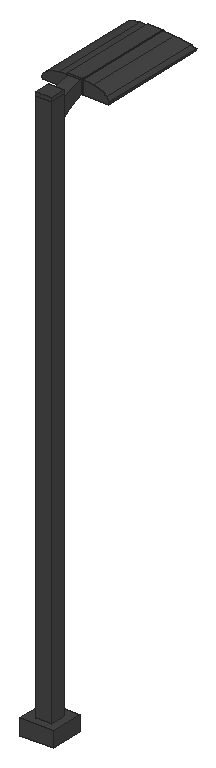
Revit family "ALT3", category Lighting Fixtures, Revit 2021
Family settings
  Round Connector Dimension = Use Diameter
  Part Type = Normal
  OmniClass Number = 23.80.70.14.21
  OmniClass Title = Street and Roadway Lighting
  Work Plane-Based = No
  Always vertical = Yes
  Cut with Voids When Loaded = No
  Light Source = Yes
  Shared = No
  Room Calculation Point = No
Parameters (values of type "ALT3")
  Width = 14.00"
  Wattage Comments = "20W"
  Wattage = 20 W
  built-in parameter 1150110 = 1 (stored number, unit not read)
  Voltage = 0 V
  URL = "https://www.currentlighting.com/kimlighting"
  Type Comments = "Lighting Fixture"  # constant formula
  built-in parameter 1114217 = 1 (stored number, unit not read)
  Tilt Angle = 90.00°  # constant formula
  built-in parameter 1150109 = 1 (stored number, unit not read)
  built-in parameter 1150134 = (empty or 0)
  built-in parameter 1150113 = 1 (stored number, unit not read)
  Series = "Altitude"  # constant formula
  Product Page URL = ""
  Product Documentation Link = ""
  Power Factor = 1
  Pole Width = 4.00"
  Pole Height [instance] = 149.94162"
  Pole = yes
  Photometric Web Link = ""
  Photometric Web File = "ALT3-168L-305-3K7-2-BC.ies"
  Photometric Notes = "More IES files download on Photometric Web Link"  # constant formula
  Offset From Pole = 6.12"
  Number of Poles = 1
  Model = "ALT3"
  Manufacturer = "KIM Lighting"  # constant formula
  Lumens = 2980 lm
  built-in parameter 1150115 = 1 (stored number, unit not read)
  built-in parameter 1150105 = 237.14 (stored number, unit not read)
  Light source [instance] = Pole Height - 3.50"  # 146.44162"
  built-in parameter 1150137 = (empty or 0)
  built-in parameter 1150139 = (empty or 0)
  Lens = Glass-Temper Molded
  built-in parameter 1150112 = 1 (stored number, unit not read)
  built-in parameter 1150114 = 1 (stored number, unit not read)
  Lamp = "default"
  built-in parameter 1150132 = (empty or 0)
  built-in parameter 1150102 = (empty or 0)
  built-in parameter 1150138 = (empty or 0)
  built-in parameter 1150107 = 3000 (stored number, unit not read)
  built-in parameter 1150106 = 2.3714 (stored number, unit not read)
  Fixture Height = 7.50"
  Finish = Powder Coat-Black
  Emit from Rectangle Width = 15.00"  # constant formula
  Emit from Rectangle Length = 25.00"  # constant formula
  Emit Shape Visible in Rendering = no
  built-in parameter 1150104 = 13.843 (stored number, unit not read)
  Dimming Lamp Color Temperature Shift = <None>
  Description = "Altitude® is the ultimate in luminaire design innovation with a unique balance of form, engineering and superior optics. The low profile housing is proportional and scalable with three sizes to cover more pedestrian/site/roadway environments than ever before. The result is an architecturally relevant luminaire of unsurpassed quality and flexibility that maximizes the power and performance."  # constant formula
  Depth = 18.44"
  Default Elevation = 0.00"
  Color Temperature = 0 K
  Color Filter = 16777215
  Certifications = "UL Listed"
  Center Width = 3.00"
  built-in parameter 1114218 = 1 (stored number, unit not read)
  built-in parameter 1150133 = 10 (stored number, unit not read)
  Assembly Code = "D5020200"
  Apparent Load = 20 VA
Reference planes (in)
  plane 1 "Light Source Axis (F/B)": y = 0
  plane 2: z = 0
  plane 3 "Light Source Axis (L/R)": x = 1.5
  plane 4 "Light Source Elevation": z = 146.44162
  plane 5 "Back": y = -15.34
Dimensions and locks (in)
  "Light source": plane 4 "Light Source Elevation" to plane 2
  aligned and locked: plane 4 "Light Source Elevation" to imposter light
  aligned and locked: nested 1 to plane 3 "Light Source Axis (L/R)"
  aligned and locked: nested 1 to plane 5 "Back"
  aligned and locked: imposter light to plane 3 "Light Source Axis (L/R)"
  aligned and locked: nested 1 to nested 2
Nested families (in)
  nested 1: "Kim_Lighting-Square_Pole" at (1.5, -17.34, 0) x (-1, 0, 0) z (0, 0, 1), visible <- "Pole", type "Kim_Lighting-Square_Pole"
    with Width 4.00", Height 149.94162", Base Cover 8.625"
  nested 2: "3ALT" at (1.54982, -15.34, 146.25559) x (-1, 0, 0) z (0, 1, 0), type "3ALT"
    with Lens White Glass, Finish Powder Coat-Black
Connectors (in)
  electrical at (1.5, -15.34, 18), driven by "Power Factor", driven by "Apparent Load", driven by "Apparent Load", driven by "Voltage", driven by "Number of Poles"
    settings: on nested 1, index 1, voltage 0 V, apparent load 20 VA, apparent load phase1 20 VA, apparent load phase2 0 VA, apparent load phase3 0 VA, power factor 1, load classification "Lighting", number of poles 1, system type 30, power factor state 1, is connector primary yes, connector utility no, sub classification motor no, connector description "Lighting Connector"
Definition of nested family "Kim_Lighting-Square_Pole"
  Parameters
    Width = 5.00"
    URL = "http://www.kimlighting.com/"
    Type Comments = "Non-Tapered Pole"
    Model = "Square Pole"  # constant formula
    Manufacturer = "KIM Lighting"  # constant formula
    Height = 240.00"
    Finish = none
    Default Elevation = 0.00"
    Base Cover = if(Width = 5.00", 12.625", 8.625")  # 12.625"
  Reference planes (in)
    plane 1 "Center (Front/Back)": y = 0
    plane 2: z = 0
    plane 3 "Center (Left/Right)": x = 0
    plane 4 "Front": y = -2.5
    plane 5 "Left": x = -2.5
    plane 6 "Right": x = 2.5
    plane 7 "Back": y = 2.5
    plane 8 "Top": z = 240
    plane 9: x = -6.3125
    plane 10: x = 6.3125
    plane 11: y = 6.3125
    plane 12: y = -6.3125
    plane 13: z = 18
  Forms (in)
    Extrusion 1, solid, material <- "Finish"
      sketch origin (0, 0, 0) x (1, 0, 0) y (0, 1, 0)
        loop
          line (-2.5, -2.5) -> (2.5, -2.5) -> (2.5, 2.5) -> (-2.5, 2.5) -> (-2.5, -2.5)
      from 0 to 240
    Extrusion 2, solid, material <- "Finish", detail levels medium+fine
      sketch origin (0, 0, 0) x (1, 0, 0) y (0, 1, 0)
        loop
          line (-6.3125, -6.3125) -> (6.3125, -6.3125) -> (6.3125, 6.3125) -> (-6.3125, 6.3125) -> (-6.3125, -6.3125)
        loop
          line (-2.5, -2.5) -> (2.5, -2.5) -> (2.5, 2.5) -> (-2.5, 2.5) -> (-2.5, -2.5)
      from 0 to 4
    Extrusion 3, solid, material <- "Finish", detail levels fine
      sketch origin (0, 0, 0) x (1, 0, 0) y (0, 0, 1)
        loop
          line (-1.5, 15) -> (1.5, 15) -> (1.5, 21) -> (-1.5, 21) -> (-1.5, 15)
      from 2.5 to 2.5625
    Extrusion 4, solid, material <- "Finish", detail levels fine
      sketch origin (0, 0, 240) x (-1, 0, 0) y (0, -1, 0)
        loop
          line (2.5625, 2.5625) -> (-2.5625, 2.5625) -> (-2.5625, -2.5625) -> (2.5625, -2.5625) -> (2.5625, 2.5625)
      from 0.10394 to -0.89606
  Lines and regions (in)
    Masking region 1
      outline origin (0, 0, 0) x (1, 0, 0) y (0, 0, 1)
        loop
          line (-2.5, 0) -> (2.5, 0) -> (2.5, 240) -> (-2.5, 240) -> (-2.5, 0)
    Masking region 2, detail levels medium+fine
      outline origin (0, 0, 0) x (1, 0, 0) y (0, 0, 1)
        loop
          line (-6.3125, 0) -> (6.3125, 0) -> (6.3125, 4) -> (-6.3125, 4) -> (-6.3125, 0)
    Masking region 3, detail levels fine
      outline origin (0, 0, 0) x (1, 0, 0) y (0, 0, 1)
        loop
          line (-2.5625, 239.10394) -> (2.5625, 239.10394) -> (2.5625, 240.10394) -> (-2.5625, 240.10394) -> (-2.5625, 239.10394)
    Masking region 4
      outline origin (0, 0, 0) x (0, 1, 0) y (0, 0, 1)
        loop
          line (2.5, 0) -> (2.5, 240) -> (-2.5, 240) -> (-2.5, 0) -> (2.5, 0)
    Masking region 5, detail levels medium+fine
      outline origin (0, 0, 0) x (0, 1, 0) y (0, 0, 1)
        loop
          line (6.3125, 0) -> (6.3125, 4) -> (-6.3125, 4) -> (-6.3125, 0) -> (6.3125, 0)
    Masking region 6, detail levels fine
      outline origin (0, 0, 0) x (0, 1, 0) y (0, 0, 1)
        loop
          line (2.5625, 239.10394) -> (2.5625, 240.10394) -> (-2.5625, 240.10394) -> (-2.5625, 239.10394) -> (2.5625, 239.10394)
    Masking region 7, detail levels medium+fine
      outline origin (0, 0, 0) x (1, 0, 0) y (0, 1, 0)
        loop
          line (-6.3125, -6.3125) -> (6.3125, -6.3125) -> (6.3125, 6.3125) -> (-6.3125, 6.3125) -> (-6.3125, -6.3125)
        loop
          line (-2.5, -2.5) -> (2.5, -2.5) -> (2.5, 2.5) -> (-2.5, 2.5) -> (-2.5, -2.5)
    Masking region 8
      outline origin (0, 0, 0) x (1, 0, 0) y (0, 1, 0)
        loop
          line (-2.5, -2.5) -> (2.5, -2.5) -> (2.5, 2.5) -> (-2.5, 2.5) -> (-2.5, -2.5)
    symbolic lines, detail levels fine
      curve 1: line (-1.5, 0, 15) -> (1.5, 0, 15)
      curve 2: line (-1.5, 0, 21) -> (-1.5, 0, 15)
      curve 3: line (1.5, 0, 21) -> (-1.5, 0, 21)
      curve 4: line (1.5, 0, 15) -> (1.5, 0, 21)
  Dimensions and locks (in)
    equal spacing: plane 7 "Back", plane 1 "Center (Front/Back)", plane 4 "Front"
    equal spacing: plane 5 "Left", plane 3 "Center (Left/Right)", plane 6 "Right"
    "Width": plane 7 "Back" to plane 4 "Front"
    "Width": plane 5 "Left" to plane 6 "Right"
    plane 3 "Center (Left/Right)" to Extrusion 1 = 2.50"
    "Height": plane 8 "Top" to level
    equal spacing: plane 11, plane 1 "Center (Front/Back)", plane 12
    "Base Cover": plane 11 to plane 12
    equal spacing: plane 9, plane 3 "Center (Left/Right)", plane 10
    "Base Cover": plane 9 to plane 10
    locked: Extrusion 2 to level at 4
    locked: plane 13 to level at 18
    Extrusion 3 sketch curve to plane 13 to Extrusion 3 sketch curve = 3.00" locked, 3.00" locked
    Extrusion 3 sketch curve to plane 3 "Center (Left/Right)" to Extrusion 3 sketch curve = 1.50" locked, 1.50" locked
    locked: plane 4 "Front" to Extrusion 3 at 0.0625
    Extrusion 4 to plane 8 "Top" to Extrusion 4 = 0.10394" locked, 0.89606" locked
    aligned and locked: plane 5 "Left" to Extrusion 1 sketch curve
    aligned and locked: Extrusion 1 sketch curve to plane 4 "Front"
    aligned and locked: plane 7 "Back" to Extrusion 1 sketch curve
    aligned and locked: Extrusion 1 sketch curve to plane 6 "Right"
    aligned and locked: plane 8 "Top" to Extrusion 1
    aligned and locked: plane 9 to Extrusion 2 sketch curve
    aligned and locked: Extrusion 2 sketch curve to plane 12
    aligned and locked: plane 11 to Extrusion 2 sketch curve
    aligned and locked: Extrusion 2 sketch curve to plane 10
    aligned and locked: Extrusion 1 to Extrusion 2 sketch curve
    aligned and locked: Extrusion 2 sketch curve to Extrusion 1  (x3)
    aligned and locked: plane 4 "Front" to Extrusion 3
    aligned: plane 8 "Top" to Extrusion 4
    aligned and locked: Masking region 1 sketch curve to Extrusion 1  (x2)
    aligned and locked: plane 8 "Top" to Masking region 1 sketch curve
    aligned and locked: Masking region 1 sketch curve to plane 6 "Right"
    aligned and locked: Masking region 2 sketch curve to Extrusion 2  (x2)
    aligned and locked: Extrusion 2 to Masking region 2 sketch curve
    aligned and locked: Masking region 2 sketch curve to plane 10
    aligned and locked: Extrusion 3 to curve 1
    aligned and locked: curve 1 to Extrusion 3
    aligned and locked: curve 4 to Extrusion 3  (x2)
    aligned and locked: Masking region 3 sketch curve to Extrusion 4  (x3)
    aligned and locked: Extrusion 4 to Masking region 3 sketch curve
    aligned and locked: Masking region 4 sketch curve to Extrusion 1  (x3)
    aligned and locked: Extrusion 1 to Masking region 4 sketch curve
    aligned and locked: Masking region 5 sketch curve to Extrusion 2  (x3)
    aligned and locked: Extrusion 2 to Masking region 5 sketch curve
    aligned and locked: Masking region 6 sketch curve to Extrusion 4  (x3)
    aligned and locked: Extrusion 4 to Masking region 6 sketch curve
    aligned and locked: Extrusion 2 to Masking region 7 sketch curve
    aligned and locked: Masking region 7 sketch curve to Extrusion 2  (x3)
    aligned and locked: Extrusion 1 to Masking region 8 sketch curve
    aligned and locked: Masking region 8 sketch curve to Extrusion 1  (x3)
    aligned and locked: Extrusion 1 to Masking region 7 sketch curve
    aligned and locked: Masking region 7 sketch curve to Extrusion 1  (x3)
  Automatic sketch dimensions
    Extrusion 4 sketch curve to plane 6 "Right" = 0.0625"
    plane 5 "Left" to Extrusion 4 sketch curve = 0.0625"
    plane 7 "Back" to Extrusion 4 sketch curve = 0.0625"
    Extrusion 4 sketch curve to plane 4 "Front" = 0.0625"
Definition of nested family "3ALT"
  Parameters
    Width = 18.00"
    URL = "http://www.spauldinglighting.com/"
    Product Page URL = ""
    Product Documentation Link = ""
    Manufacturer Phone = "(864)-678-1000"  # constant formula
    Manufacturer Fax = "(866)-898-1065"  # constant formula
    Manufacturer = "Spaulding Lighting"  # constant formula
    Lens [instance] = none
    Length = 34.56"
    Finish [instance] = none
    Default Elevation = 48.00"
  Reference planes (in)
    plane 1 "Center (Front/Back)": y = 0
    plane 2: z = 0
    plane 3 "Center (Left/Right)": x = 0
    plane 4: z = 34.56
    plane 5: z = 6.62
    plane 6: y = -3.375
    plane 7: x = -9
    plane 8: x = 9
    plane 9: y = 3.5
  Forms (in)
    Extrusion 1, solid, material <- "Finish"
      sketch origin (0, 0, 0) x (0, 1, 0) y (0, 0, 1)
        loop
          line (0, 34.56) -> (0, 13.0003) -> (0, 6.25) -> (3.5, 6.25) -> (3.5, 32.22554) -> (0.61718, 34.56) -> (0, 34.56)
      from -9 to 9
    Extrusion 2, solid, material <- "Finish"
      sketch origin (0, 0, 0) x (0, 1, 0) y (0, 0, 1)
        loop
          line (-3.375, 0) -> (1.56488, 0)
          arc (1.56488, 0) -> (2.78495, 3.2371) -> (3.50838, 6.62) r 23.12072
          line (3.50838, 6.62) -> (0.10272, 6.62)
          arc (0.10272, 6.62) -> (-1.2633, 3.11413) -> (-3.375, 0) r 16.80725
      from -1.5889 to 1.5889
    Sweep 3, solid, material <- "Finish"
      path in 3D
        loop
          line (9, 0, 6.25) -> (9, 3.5, 6.25) -> (9, 3.5, 32.22554) -> (9, 0.61718, 34.56) -> (9, 0, 34.56)
      profile origin (9, 3.5, 19.23777) x (0, -1, 0) y (1, 0, 0)
        loop
          line (0.01398, -10.9639) -> (0.01398, -6.9639) -> (-0.18602, -6.9639) -> (-0.18602, -10.9639) -> (0.01398, -10.9639)
    Extrusion 4, void
      sketch origin (0, 0, 0) x (1, 0, 0) y (0, 0, 1)
        loop
          line (-7.96181, 32.9131) -> (-7.96181, 12.77089) -> (8.03819, 12.77089) -> (8.03819, 32.9131) -> (-7.96181, 32.9131)
        loop
          line (-7.96181, 12.21711) -> (-7.96181, 6.93454) -> (8.03819, 6.93454) -> (8.03819, 12.21711) -> (-7.96181, 12.21711)
      from -0.54237 to 0.18602
    Extrusion 5, solid, material <- "Lens"
      sketch origin (0, 0, 0) x (1, 0, 0) y (0, 0, 1)
        loop
          line (-7.96181, 32.9131) -> (-7.96181, 12.77089) -> (8.03819, 12.77089) -> (8.03819, 32.9131) -> (-7.96181, 32.9131)
        loop
          line (-7.96873, 12.21711) -> (-7.96873, 6.93454) -> (8.03819, 6.93454) -> (8.03819, 12.21711) -> (-7.96873, 12.21711)
      from -0.30667 to 0
    Extrusion 6, void
      sketch origin (0, 0, 0) x (1, 0, 0) y (0, 1, 0)
        loop
          line (-11.39103, 6.90274) -> (-11.39103, 0) -> (-8.60474, 0) -> (-8.82938, 0.61718)
          arc (-8.82938, 0.61718) -> (-8.54472, 1.11413) -> (-8.15158, 1.53058) r 2.42794
          arc (-8.15158, 1.53058) -> (-6.41505, 2.57144) -> (-4.44285, 3.02901) r 6.51556
          arc (-4.44285, 3.02901) -> (-3.21235, 3.2586) -> (-1.9639, 3.34905) r 11.16746
          line (-1.9639, 3.34905) -> (-1.9639, 3.68602) -> (1.9639, 3.68602) -> (1.9639, 3.34905)
          arc (1.9639, 3.34905) -> (3.21235, 3.2586) -> (4.44285, 3.02901) r 11.16746
          arc (4.44285, 3.02901) -> (6.41505, 2.57144) -> (8.15158, 1.53058) r 6.51556
          arc (8.15158, 1.53058) -> (8.54472, 1.11413) -> (8.82938, 0.61718) r 2.42794
          line (8.82938, 0.61718) -> (8.60474, 0) -> (9.60897, 0) -> (9.60897, 6.90274) -> (-11.39103, 6.90274)
      from 0 to 34.56
  Cuts and joins
    Extrusion 4, Extrusion 6 cuts Sweep 3
    Extrusion 6 cuts Extrusion 1
  Lines and regions (in)
    sketch lines
      curve 1: line (9, 3.5, 6.25) -> (9, 3.5, 32.22554)
      curve 2: line (9, 3.5, 32.22554) -> (9, 0.61718, 34.56)
      curve 3: line (9, 0.61718, 34.56) -> (9, 0, 34.56)
      curve 4: line (9, 0, 6.25) -> (9, 3.5, 6.25)
  Dimensions and locks (in)
    plane 4 to plane 5 to level = 27.94", 6.62"
    plane 4 to level = 34.56"
    "Width": plane 8 to plane 7
    equal spacing: plane 8, plane 3 "Center (Left/Right)", plane 7
    plane 6 to plane 1 "Center (Front/Back)" to plane 9 = 3.375", 3.50"
    aligned and locked: plane 2 to level
    aligned and locked: Extrusion 1 to plane 7
    aligned and locked: plane 8 to Extrusion 1
  Automatic sketch dimensions
    Extrusion 1 sketch curve to plane 1 "Center (Front/Back)" = 0.00"
    Extrusion 1 sketch curve to plane 4 = 0.00"
    Extrusion 1 sketch curve to plane 9 = 0.00"
    Extrusion 1 sketch curve to Extrusion 1 sketch curve = 0.61718"
    Extrusion 1 sketch curve to plane 4 = 2.33446"
    plane 5 to Extrusion 1 sketch curve = 6.3803"
    Extrusion 1 sketch curve to plane 5 = 0.37"
    Extrusion 2 sketch curve to level = 0.00"
    Extrusion 2 sketch curve to plane 6 = 0.00"
    Extrusion 2 sketch curve to plane 5 = 0.00"
    plane 5 to Extrusion 2 sketch curve = 4.31062"
    plane 6 to Extrusion 2 sketch curve = 12.76735"
    Extrusion 2 sketch curve to Extrusion 2 sketch curve = 3.25715"
    Extrusion 2 sketch curve to plane 1 "Center (Front/Back)" = 1.56488"
    Extrusion 2 sketch curve to plane 9 = 0.00838"
    profile plane to Sweep 3 sketch curve = 0.18602"
    Sweep 3 sketch curve to profile plane = 0.01398"
    Sweep 3 sketch curve to profile plane = 10.9639"
    Sweep 3 sketch curve to Sweep 3 sketch curve = 4.00"
    plane 7 to Extrusion 4 sketch curve = 1.03819"  (x2)
    plane 5 to Extrusion 4 sketch curve = 0.31454"
    Extrusion 4 sketch curve to plane 8 = 0.96181"  (x2)
    Extrusion 4 sketch curve to Extrusion 4 sketch curve = 5.28257"
    Extrusion 4 sketch curve to Extrusion 4 sketch curve = 0.55378"
    Extrusion 4 sketch curve to plane 4 = 1.6469"
    plane 5 to Extrusion 5 sketch curve = 0.31454"
    plane 7 to Extrusion 5 sketch curve = 1.03127"
    Extrusion 5 sketch curve to Extrusion 5 sketch curve = 0.00693"
    Extrusion 5 sketch curve to plane 8 = 0.96181"  (x2)
    Extrusion 5 sketch curve to Extrusion 5 sketch curve = 5.28257"
    Extrusion 5 sketch curve to Extrusion 5 sketch curve = 0.55378"
    Extrusion 5 sketch curve to plane 4 = 1.6469"
    plane 1 "Center (Front/Back)" to Extrusion 6 sketch curve = 0.00"  (x2)
    Extrusion 6 sketch curve to plane 8 = 0.39526"
    plane 1 "Center (Front/Back)" to Extrusion 6 sketch curve = 0.3327"  (x2)
    Extrusion 6 sketch curve to Extrusion 6 sketch curve = 2.00978"
    plane 6 to Extrusion 6 sketch curve = 0.09468"  (x2)
    plane 3 "Center (Left/Right)" to Extrusion 6 sketch curve = 3.97427"
    Extrusion 6 sketch curve to plane 9 = 0.18602"
    plane 3 "Center (Left/Right)" to Extrusion 6 sketch curve = 1.9639"
    plane 3 "Center (Left/Right)" to Extrusion 6 sketch curve = 1.78249"
    Extrusion 6 sketch curve to plane 3 "Center (Left/Right)" = 1.78249"
    Extrusion 6 sketch curve to plane 3 "Center (Left/Right)" = 1.9639"
    Extrusion 6 sketch curve to plane 3 "Center (Left/Right)" = 3.97427"
    plane 7 to Extrusion 6 sketch curve = 2.40503"
    plane 7 to Extrusion 6 sketch curve = 0.39526"
    plane 7 to Extrusion 6 sketch curve = 0.17062"
    Extrusion 6 sketch curve to plane 7 = 2.39103"
    plane 8 to Extrusion 6 sketch curve = 0.60897"
    plane 6 to Extrusion 6 sketch curve = 4.44194"
    Extrusion 6 sketch curve to Extrusion 6 sketch curve = 0.00"  (x2)
    Extrusion 6 sketch curve to plane 1 "Center (Front/Back)" = 0.61718"
    plane 9 to Extrusion 6 sketch curve = 0.15095"  (x2)
    Extrusion 6 sketch curve to plane 9 = 3.40274"
    Extrusion 6 sketch curve to plane 8 = 0.17062"
    plane 9 to Extrusion 6 sketch curve = 0.47099"  (x2)
